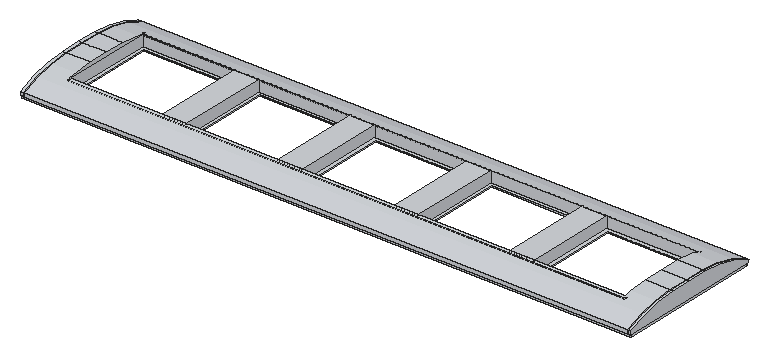
Revit family "Gira_021559", category Electrical Fixtures, host Face, Revit 2017
Family settings
  Host = Face
  Maintain Annotation Orientation = No
  Round Connector Dimension = Use Diameter
  Part Type = Normal
  Cut with Voids When Loaded = No
  Shared = No
  Room Calculation Point = No
Parameters (values of type "Abdeckrahmen 5f Zwischenr. F Alu Gira Event Opak Dklbraun")
  Werkstoffgüte = "Thermoplast"
  Werkstoff = "Kunststoff"
  URL = "http://katalog.gira.de/de_DE/datenblatt.html?artikelnr=021559"
  Transparent = "No"
  Textfeld/Beschriftungsfläche = "No"
  Schutzart (IP) = "IP20"
  Region = "DE"
  Oberfläche = "sonstige"
  Name = "Abdeckrahmen 5f Zwischenr. F Alu Gira Event Opak Dklbraun"
  Montagerichtung = "horizontal und vertikal"
  Mit Montagerahmen = "No"
  Mit Klappdeckel = "No"
  Manufacturer URL = "https://www.gira.de/"
  Keynote = "Event_Rahmen_5fach"
  HeinzeBIM = "https://bimportal.heinze.de/bim/abdeckrahmen-5f-zwischenr-f-alu-gira-event-opak-dklbraun/d66757a9798034e841e2a4e20504c3a6f5306671"
  Halogenfrei = "Yes"
  HAN = "021559"
  Geeignet für Unterputz-Installation = "Yes"
  Geeignet für Unterflurkanaldose = "No"
  Geeignet für Geräteeinbaukanal = "No"
  Geeignet für Einbauinstallation = "No"
  GTIN = "4010337003465"
  Farbe = "braun"
  Default Elevation = 1219.2 mm
  Data sheet (1) = "https://katalog.gira.de/de_DE/download.html?artikelnr=021559"
  Category = "Abdeckrahmen"
  Befestigungsart = "Klemmbefestigung"
  Available = "Yes"
  Anzahl der Einheiten vertikal = "5 "
  Anzahl der Einheiten horizontal = "5 "
  Anzahl der Einheiten = "5 "
Reference planes
  plane 1 "Center (Front/Back)": y = 0
  plane 2: z = 0
  plane 3 "Center (Left/Right)": x = 0
Forms (mm)
  Extrusion 1, solid, detail levels fine
    sketch origin (0, 0, 0.05) x (0, 1, 0) y (0, 0, 1)
      loop
        arc (12.445, 9.683) -> (6.223, 9.833) -> (0, 9.85) r 291.636
        arc (0, 9.85) -> (-6.223, 9.833) -> (-12.445, 9.683) r 291.636
        arc (-12.445, 9.683) -> (-29.14, 7.482) -> (-45, 1.823) r 79.728
        line (-45, 1.823) -> (-45, -0.05) -> (-42.086, -0.05)
        arc (-42.086, -0.05) -> (-21.385, 5.559) -> (0, 7.206) r 114.424
        arc (0, 7.206) -> (21.385, 5.559) -> (42.086, -0.05) r 114.424
        line (42.086, -0.05) -> (45, -0.05) -> (45, 1.823)
        arc (45, 1.823) -> (29.14, 7.482) -> (12.445, 9.683) r 79.728
    from -185.578 to 185.593
  Extrusion 2, void, detail levels fine
    sketch origin (0, 0, 0) x (1, 0, 0) y (0, 1, 0)
      loop
        line (170.607, 28) -> (-170.593, 28) -> (-170.593, -28) -> (170.607, -28) -> (170.607, 28)
    from 0.724 to 11
  Extrusion 3, solid, detail levels coarse
    sketch origin (0, 0, 0) x (1, 0, 0) y (0, 1, 0)
      loop
        line (-187.578, 45) -> (-187.578, -45) -> (187.593, -45) -> (187.593, 45) -> (-187.578, 45)
    from -1.5 to 9.9
  Extrusion 4, solid, detail levels medium
    sketch origin (0, 0, 0.05) x (0, 1, 0) y (0, 0, 1)
      loop
        arc (12.445, 9.683) -> (6.223, 9.833) -> (0, 9.85) r 291.636
        arc (0, 9.85) -> (-6.223, 9.833) -> (-12.445, 9.683) r 291.636
        arc (-12.445, 9.683) -> (-29.14, 7.482) -> (-45, 1.823) r 79.728
        line (-45, 1.823) -> (-45, -0.05) -> (45, -0.05) -> (45, 1.823)
        arc (45, 1.823) -> (29.14, 7.482) -> (12.445, 9.683) r 79.728
    from -187.578 to 187.593
  Extrusion 5, solid, detail levels fine
    sketch origin (-142.578, 0, -1.5) x (0, 1, 0) y (0, 0, -1)
      loop
        line (45, -3.373) -> (45, -1.5) -> (-45, -1.5) -> (-45, -3.373)
        arc (-45, -3.373) -> (-29.14, -9.032) -> (-12.445, -11.233) r 79.728
        arc (-12.445, -11.233) -> (-6.223, -11.383) -> (0, -11.4) r 291.636
        arc (0, -11.4) -> (6.223, -11.383) -> (12.445, -11.233) r 291.636
        arc (12.445, -11.233) -> (29.14, -9.032) -> (45, -3.373) r 79.728
    from 43 to 45
  Extrusion 6, solid, detail levels fine
    sketch origin (0, 0, 0) x (1, 0, 0) y (0, 1, 0)
      loop
        line (-168.493, 25.7) -> (-168.493, -25.7) -> (-116.693, -25.7) -> (-116.693, 25.7) -> (-168.493, 25.7)
      loop
        line (-45.398, -25.7) -> (-45.398, 25.7) -> (-97.198, 25.7) -> (-97.198, -25.7) -> (-45.398, -25.7)
      loop
        line (-171.487, 28.49) -> (-171.487, -28.495)
        spline (-171.487, -28.495) -> (-171.479, -28.625) -> (-171.453, -28.754) -> (-171.411, -28.878) -> (-171.353, -28.995) -> (-171.281, -29.104) -> (-171.194, -29.202) -> (-171.096, -29.288) -> (-170.987, -29.361) -> (-170.87, -29.419) -> (-170.746, -29.461) -> (-170.618, -29.486) -> (-170.487, -29.495)
        line (-170.487, -29.495) -> (170.502, -29.495)
        spline (170.502, -29.495) -> (170.633, -29.486) -> (170.761, -29.461) -> (170.885, -29.419) -> (171.002, -29.361) -> (171.111, -29.288) -> (171.209, -29.202) -> (171.296, -29.104) -> (171.368, -28.995) -> (171.426, -28.878) -> (171.468, -28.754) -> (171.494, -28.625) -> (171.502, -28.495)
        line (171.502, -28.495) -> (171.502, 28.49)
        spline (171.502, 28.49) -> (171.494, 28.62) -> (171.468, 28.748) -> (171.426, 28.872) -> (171.368, 28.99) -> (171.296, 29.098) -> (171.209, 29.197) -> (171.111, 29.283) -> (171.002, 29.356) -> (170.885, 29.413) -> (170.761, 29.456) -> (170.633, 29.481) -> (170.502, 29.49)
        line (170.502, 29.49) -> (-170.487, 29.49)
        spline (-170.487, 29.49) -> (-170.618, 29.481) -> (-170.746, 29.456) -> (-170.87, 29.413) -> (-170.987, 29.356) -> (-171.096, 29.283) -> (-171.194, 29.197) -> (-171.281, 29.098) -> (-171.353, 28.99) -> (-171.411, 28.872) -> (-171.453, 28.748) -> (-171.479, 28.62) -> (-171.487, 28.49)
      loop
        line (25.902, -25.7) -> (25.902, 25.7) -> (-25.898, 25.7) -> (-25.898, -25.7) -> (25.902, -25.7)
      loop
        line (97.207, -25.7) -> (97.207, 25.7) -> (45.407, 25.7) -> (45.407, -25.7) -> (97.207, -25.7)
      loop
        line (168.507, -25.7) -> (168.507, 25.7) -> (116.707, 25.7) -> (116.707, -25.7) -> (168.507, -25.7)
    from 0.1 to 7.3
  Extrusion 7, solid
    sketch origin (0, 0, 0) x (1, 0, 0) y (0, 1, 0)
      loop
        arc (-187.293, -44.218) -> (-187.146, -44.572) -> (-186.793, -44.718) r 0.5
        line (-186.793, -44.718) -> (186.807, -44.718)
        arc (186.807, -44.718) -> (187.161, -44.572) -> (187.307, -44.218) r 0.5
        line (187.307, -44.218) -> (187.307, 44.182)
        arc (187.307, 44.182) -> (187.161, 44.535) -> (186.807, 44.682) r 0.5
        line (186.807, 44.682) -> (-186.793, 44.682)
        arc (-186.793, 44.682) -> (-187.146, 44.535) -> (-187.293, 44.182) r 0.5
        line (-187.293, 44.182) -> (-187.293, -44.218)
      loop
        line (-185.593, 42.982) -> (-185.593, -43.018) -> (185.607, -43.018) -> (185.607, 42.982) -> (-185.593, 42.982)
    from -1.5 to 0.5
  Extrusion 8, solid, detail levels fine
    sketch origin (142.593, 0, -1.5) x (0, 1, 0) y (0, 0, 1)
      loop
        arc (45, 3.373) -> (29.14, 9.032) -> (12.445, 11.233) r 79.728
        arc (12.445, 11.233) -> (6.223, 11.383) -> (0, 11.4) r 291.636
        arc (0, 11.4) -> (-6.223, 11.383) -> (-12.445, 11.233) r 291.636
        arc (-12.445, 11.233) -> (-29.14, 9.032) -> (-45, 3.373) r 79.728
        line (-45, 3.373) -> (-45, 1.5) -> (45, 1.5) -> (45, 3.373)
    from 43 to 45
  Extrusion 9, solid, detail levels medium
    sketch origin (0, 0, 0) x (1, 0, 0) y (0, 1, 0)
      loop
        line (-187.293, -44.718) -> (187.307, -44.718) -> (187.307, 44.682) -> (-187.293, 44.682) -> (-187.293, -44.718)
    from -1.5 to 0.5
  Extrusion 10, solid, detail levels fine
    sketch origin (-105.5, 0, 0) x (1, 0, 0) y (0, 1, 0)
      loop
        line (-8.943, 28.063) -> (-8.943, -27.937) -> (6.057, -27.937) -> (6.057, 28.063) -> (-8.943, 28.063)
    from 0.724 to 7.566
  Extrusion 11, solid, detail levels fine
    sketch origin (-37.085, 0, 0) x (-1, 0, 0) y (0, -1, 0)
      loop
        line (-8.943, -28.063) -> (6.057, -28.063) -> (6.057, 27.937) -> (-8.943, 27.937) -> (-8.943, -28.063)
    from 0.724 to 7.566
  Extrusion 12, solid, detail levels fine
    sketch origin (105.5, 0, 0) x (-1, 0, 0) y (0, -1, 0)
      loop
        line (-8.943, -28.063) -> (6.057, -28.063) -> (6.057, 27.937) -> (-8.943, 27.937) -> (-8.943, -28.063)
    from 0.724 to 7.566
  Extrusion 13, solid, detail levels fine
    sketch origin (37.085, 0, 0) x (1, 0, 0) y (0, 1, 0)
      loop
        line (-8.943, 28.063) -> (-8.943, -27.937) -> (6.057, -27.937) -> (6.057, 28.063) -> (-8.943, 28.063)
    from 0.724 to 7.566
Cuts and joins
  Extrusion 2 cuts Extrusion 1
  Extrusion 2 cuts Extrusion 6
Dimensions and locks
  aligned and locked: plane 2 to host face
  aligned and locked: level to host face
